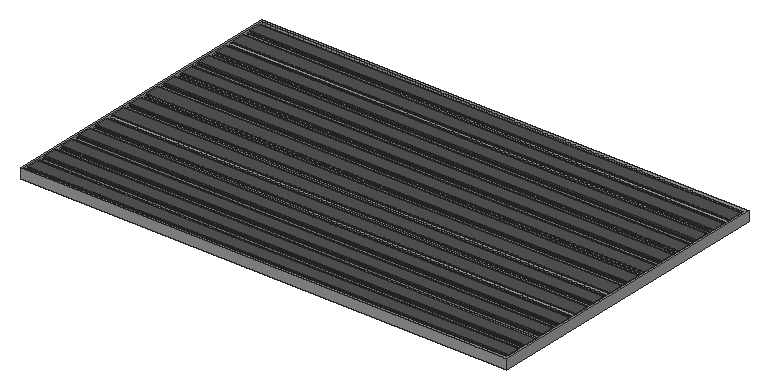
Revit family "Flooring_Entrance-Flooring_emco_MARSCHALL-Premium", category Furniture Systems, host Face, Revit 2018 (continued)
Types in the file's own list only (69): name | z_slot_width | z_slot_offest | z_insert_width | z_insert_offset | z_edge_height | z_Height | Weight (kg/m2) | Tread surface | Slip resistance | Scraping edge | Profile width (mm) | Pile material | Normal | Model | Large | Height 22 | Height 17 | Height 12 | Flammability | EPIMID | Default Elevation | Colour fastness to water ISO 105 E01 | Colour fastness to rubbing ISO 105 X12 | Colour fastness to artificial light ISO 105-B02 | Brush strip
  With Outdoor insert and scraping edge 512 PS Outdoor K | 15 mm | 38 mm | 30 mm | 45 mm | 16 mm | 12 mm | 11.3 | "The weather-resistant Outdoor insert for noticeably thorough removal of coarse dirt. The additional profile increases the cleaning power." | "-" | Yes | "30 mm" | "100% PA 6 (polyamide)" | Yes | "With Outdoor insert and scraping edge 512 PS Outdoor K" | No | No | No | Yes | "Insert with fire classification Cfl-s1 according to EN 13501." | "105853" | 1219 mm | "-" | "-" | "-" | No
  With Outdoor insert and scraping edge 517 PS Outdoor K | 15 mm | 38 mm | 30 mm | 45 mm | 20 mm | 17 mm | 13.9 | "The weather-resistant Outdoor insert for noticeably thorough removal of coarse dirt. The additional profile increases the cleaning power." | "-" | Yes | "30 mm" | "100% PA 6 (polyamide)" | Yes | "With Outdoor insert and scraping edge 517 PS Outdoor K" | No | No | Yes | No | "Insert with fire classification Cfl-s1 according to EN 13501." | "105854" | 1219 mm | "-" | "-" | "-" | No
  With Outdoor insert and scraping edge 522 PS Outdoor K | 15 mm | 38 mm | 30 mm | 45 mm | 25 mm | 22 mm | 16.5 | "The weather-resistant Outdoor insert for noticeably thorough removal of coarse dirt. The additional profile increases the cleaning power." | "-" | Yes | "30 mm" | "100% PA 6 (polyamide)" | Yes | "With Outdoor insert and scraping edge 522 PS Outdoor K" | No | Yes | No | No | "Insert with fire classification Cfl-s1 according to EN 13501." | "105855" | 1219 mm | "-" | "-" | "-" | No
